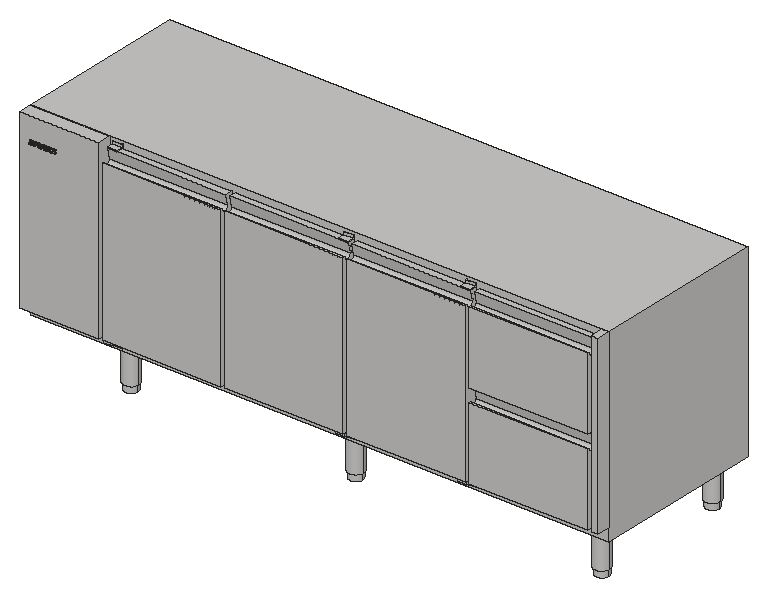
Revit family "QF_ALPENINOX_721087_AK4R7AAAB", category Attrezzature speciali, Revit 2018
Family settings
  Quota connettore circolare = Usa diametro
  Tipo di parte = Normale
  Basato su piano di lavoro = No
  Sempre verticale = Sì
  Taglio con vuoti quando caricato = No
  Condiviso = No
  Punto di calcolo locali = No
Parameters (values of type "Standard")
  Weight = 132.00 kg
  Watts = 270 W
  Volts = 220 V
  URL Manufacturer = "http://www.alpeninox.com"
  URL = "http://www.alpeninox.com"
  Steam Supply Size = 0 mm
  Steam Supply Minimum Pressure = 0.0 Pa
  Steam Supply Maximum Pressure = 0.0 Pa
  Steam Consumption per Hour = 0
  Refrigeration Suction Line Size = 0 mm
  Refrigeration Liquid Line Size = 0 mm
  Refrigerant Compressor Remote = yes
  Produttore = "Alpeninox"
  Phase = 1
  Modello = "AK4R7AAAB"
  Length Actual = 2149 mm  # constant formula
  Item Number = "721087"
  Hot Water Size = 0 mm
  Height Actual = 850 mm  # constant formula
  HP = "0.4 HP"
  Gas Size = 0 mm
  Gas KW = 0
  Gas Input Pressure = 0 W
  Direct Waste Size = 0 mm
  Descrizione = "3-DOOR AND 2X1/2-DRAWER REFRIGERATED COUNTER, -2+10°C, FULL AISI 304 (R290), WITHOUT WORK TOP"
  Depth Actual = 700 mm  # constant formula
  Cycle = 50 Hz
  Condensate Return Size = 0 mm
  Compressed Air Volume = 0.0 L/s
  Compressed Air Size = 0 mm
  Compressed Air Pressure = 0.0 Pa
  Cold Water Size = 0 mm
  Accessory = yes
Values of the unnamed type that differ from the named types
  Weight = 0.00 kg
  Watts = 0 W
  Volts = 0 V
  URL Manufacturer = ""
  Item Number = ""
  HP = ""
  Cycle = 0 Hz
Reference planes
  plane 1: z = 0
  plane 2 "Center (Left/Right)": x = -126.5
  plane 3 "Center (Front/Back)": y = 64.5
  plane 4 "FEET": z = 150
  plane 5 "TOP": z = 900
  plane 6 "PLAIN": z = 850
  plane 7 "EI_back": y = 103
  plane 8 "EI_left": x = -1140
  plane 9 "BACK": y = 412
  plane 10 "FRONT": y = -283
  plane 11 "DOOR": y = -233
  plane 12 "LEFT": x = -1201
  plane 13 "RIGHT": x = 948
  plane 14: x = -1176
  plane 15: x = 923
Forms (mm)
  Extrusion 1, solid, material "QF_Finishes_Stainless Steel"
    sketch origin (-1022.223, -1524, 150) x (-1, 0, 0) y (0, -1, 0)
      loop
        circle (117.777, -1627) r 5
    from 0 to -40
  Extrusion 2, solid, material "QF_Finishes_Stainless Steel"
    sketch origin (-1022.223, -1524, 150) x (-1, 0, 0) y (0, -1, 0)
      loop
        line (-1945.223, -1291) -> (-1945.223, -1241) -> (-1970.223, -1241) -> (-1970.223, -1291) -> (-1945.223, -1291)
    from 48 to 700
  Extrusion 3, solid, material "QF_Finishes_Stainless Steel"
    sketch origin (-1022.223, -1524, 150) x (-1, 0, 0) y (0, -1, 0)
      loop
        line (178.777, -1936) -> (178.777, -1291) -> (-1970.223, -1291) -> (-1970.223, -1936) -> (178.777, -1936)
    from 0 to 700
Lines and regions (mm)
  symbolic lines, style "SpecialityEquipmentHiddenLines"
    curve 1: line (-1201, 412, 150) -> (948, 412, 150)
    curve 2: line (-1201, -283, 150) -> (-1201, 412, 150)
    curve 3: line (948, -283, 150) -> (-1201, -283, 150)
    curve 4: line (948, 412, 150) -> (948, -283, 150)
    curve 5: line (-1201, -233, 150) -> (948, -233, 150)
    curve 6: line (923, -283, 150) -> (923, -233, 150)
Dimensions and locks
  plane 4 "FEET" to level = 150 mm
  plane 11 "DOOR" to plane 10 "FRONT" = 50 mm
  plane 6 "PLAIN" to plane 4 "FEET" = 700 mm
  plane 5 "TOP" to plane 6 "PLAIN" = 50 mm
  plane 12 "LEFT" to plane 14 = 25 mm
  plane 15 to plane 13 "RIGHT" = 25 mm
  plane 9 "BACK" to plane 7 "EI_back" = 309 mm
  plane 12 "LEFT" to plane 8 "EI_left" = 61 mm
  plane 12 "LEFT" to plane 13 "RIGHT" = 2149 mm
  equal spacing: plane 12 "LEFT", plane 2 "Center (Left/Right)", plane 13 "RIGHT"
  plane 9 "BACK" to plane 10 "FRONT" = 695 mm
  equal spacing: plane 9 "BACK", plane 3 "Center (Front/Back)", plane 10 "FRONT"
  aligned and locked: level to plane 1
  aligned and locked: plane 13 "RIGHT" to Extrusion 2
  aligned and locked: Extrusion 2 to plane 15
Automatic sketch dimensions
  Extrusion 1 sketch curve to plane 7 "EI_back" = 0 mm
  Extrusion 1 sketch curve to plane 8 "EI_left" = 0 mm
  Extrusion 2 sketch curve to plane 11 "DOOR" = 0 mm
  Extrusion 2 sketch curve to plane 13 "RIGHT" = 0 mm
  Extrusion 2 sketch curve to plane 10 "FRONT" = 0 mm
  Extrusion 2 sketch curve to plane 15 = 0 mm
  Extrusion 3 sketch curve to plane 9 "BACK" = 0 mm
  Extrusion 3 sketch curve to plane 13 "RIGHT" = 0 mm
  Extrusion 3 sketch curve to plane 11 "DOOR" = 0 mm
  Extrusion 3 sketch curve to plane 12 "LEFT" = 0 mm
  curve 1 to plane 13 "RIGHT" = 0 mm
  curve 6 to plane 10 "FRONT" = 0 mm
  curve 6 to plane 15 = 0 mm
  curve 5 to plane 12 "LEFT" = 0 mm
  curve 6 to plane 11 "DOOR" = 0 mm
  curve 1 to plane 9 "BACK" = 0 mm
  radius of Extrusion 1 sketch curve = 5 mm
Nested families
  nested 1: "HPC_Refrigerator" at (948, -283, 0), type "HPC_Refrigerator"
  nested 2: "HPC_FEET" at (-867, 331, 0), type "HPC_FEET"
  nested 3: "HPC_FEET" at (882, 331, 0), type "HPC_FEET"
  nested 4: "HPC_FEET" at (-867, -183, 0), type "HPC_FEET"
  nested 5: "HPC_FEET" at (882, -183, 0), type "HPC_FEET"
  nested 6: "HPC_FEET" at (-32, -183, 0), type "HPC_FEET"
  nested 7: "HPC_APX_BI_TN_L" at (-994.08, -233, 598) x (1, 0, 0) z (0, -1, 0), type "HPC_APX_BI_TN_L"
    with Show Logo yes
  nested 8: "HPC_APX_SD_L" at (-673, -233, 512) x (1, 0, 0) z (0, -1, 0), type "HPC_APX_SD_L"
    with Show Clearance yes
  nested 9: "HPC_APX_SD_R" at (-219, -233, 512) x (1, 0, 0) z (0, -1, 0), type "HPC_APX_SD_R"
    with Show Clearance yes
  nested 10: "HPC_APX_SD_R" at (235, -233, 512) x (1, 0, 0) z (0, -1, 0), type "HPC_APX_SD_R"
    with Show Clearance yes
  nested 11: "HPC_APX_HALF" at (689, -233, 512) x (1, 0, 0) z (0, -1, 0), type "HPC_APX_HALF"
    with Show Clearance yes
Connectors
  electrical at (-1140, 103, 110), driven by "Volts"
    settings: on Extrusion 1, index 1, voltage 220 V, apparent load 0 VA, apparent load phase1 0 VA, apparent load phase2 0 VA, apparent load phase3 0 VA, power factor 1, load classification "Other", number of poles 1, system type 31, power factor state 1, is connector primary yes, connector utility no, sub classification motor no, connector description "Electrical Connection"
Definition of nested family "HPC_FEET"
  Parameters
    FEET = 150 mm
  Reference planes
    plane 1 "Center (Front/Back)": y = 0
    plane 2: z = 0
    plane 3 "Center (Left/Right)": x = 0
    plane 4: z = 150
  Forms (mm)
    Revolve 1, solid
      sketch origin (255.05, 0, 608.09) x (0, 0, 1) y (-1, 0, 0)
        loop
          line (-608.09, 255.05) -> (-608.09, 230.05) -> (-583.09, 230.05) -> (-583.09, 226.05) -> (-458.09, 226.05) -> (-458.09, 255.05) -> (-608.09, 255.05)
        axis (-608.09, 255.05) -> (-458.09, 255.05)
      angle from 0 to 360
  Dimensions and locks
    locked: Revolve 1 sketch curve to Revolve 1 sketch curve at 125
    "FEET": plane 4 to plane 2
    aligned and locked: level to plane 2
    aligned and locked: plane 4 to Revolve 1 sketch curve
    aligned and locked: Revolve 1 sketch curve to level
    aligned and locked: plane 3 "Center (Left/Right)" to Revolve 1 sketch curve
  Automatic sketch dimensions
    Revolve 1 sketch curve to plane 3 "Center (Left/Right)" = 0 mm
    Revolve 1 sketch curve to Revolve 1 sketch curve = 25 mm
    Revolve 1 sketch curve to Revolve 1 sketch curve = 29 mm
    plane 4 to Revolve 1 sketch curve = 50 mm
    Revolve 1 sketch curve to Revolve 1 sketch curve = 20 mm
Definition of nested family "HPC_APX_BI_TN_L"
  Parameters
    Show Logo [instance] = yes
    Default Elevation = 1219.2 mm
  Reference planes
    plane 1 "Center (Front/Back)": y = -74
    plane 2: z = 0
    plane 3 "Center (Left/Right)": x = -59.92
    plane 4: x = -206.92
    plane 5: x = 87.08
    plane 6: y = 252
    plane 7: y = -400
  Forms (mm)
    Extrusion 1, solid
      sketch origin (0, 0, 0) x (1, 0, 0) y (0, 1, 0)
        loop
          line (-1219.2, 1219.2) -> (-1219.2, -1219.2) -> (1219.2, -1219.2) -> (1219.2, 1219.2) -> (-1219.2, 1219.2)
      from 0 to -304.8
    Extrusion 2, solid
      sketch origin (0, 0, 0) x (1, 0, 0) y (0, 1, 0)
        loop
          line (-206.92, 252) -> (-206.92, -400) -> (87.08, -400) -> (87.08, 252) -> (-206.92, 252)
      from 0 to 50
    Extrusion 3, solid
      sketch origin (0, 0, 0) x (1, 0, 0) y (0, 1, 0)
        loop
          line (-168.675, 170.349) -> (-172.411, 160.318)
          arc (-172.411, 160.318) -> (-171.624, 158.497) -> (-169.837, 159.36) r 1.374
          line (-169.837, 159.36) -> (-169.268, 161.111) -> (-164.1, 161.111) -> (-163.54, 159.379)
          arc (-163.54, 159.379) -> (-161.802, 158.542) -> (-161.049, 160.318) r 1.333
          line (-161.049, 160.318) -> (-164.694, 170.349)
          arc (-164.694, 170.349) -> (-166.685, 171.876) -> (-168.675, 170.349) r 2.06
        loop
          line (-166.681, 169.055) -> (-168.469, 163.655) -> (-164.935, 163.655) -> (-166.681, 169.055)
        loop
          arc (-159.705, 160.042) -> (-159.262, 158.973) -> (-158.194, 158.531) r 1.512
          line (-158.194, 158.531) -> (-153.608, 158.531)
          arc (-153.608, 158.531) -> (-152.337, 159.802) -> (-153.608, 161.074) r 1.272
          line (-153.608, 161.074) -> (-156.917, 161.074) -> (-156.917, 170.328)
          arc (-156.917, 170.328) -> (-158.311, 171.722) -> (-159.705, 170.328) r 1.394
          line (-159.705, 170.328) -> (-159.705, 160.042)
        loop
          line (-151.076, 170.218) -> (-151.076, 159.859)
          arc (-151.076, 159.859) -> (-149.683, 158.466) -> (-148.29, 159.859) r 1.393
          line (-148.29, 159.859) -> (-148.29, 162.882) -> (-146.225, 162.882)
          arc (-146.225, 162.882) -> (-142.999, 163.859) -> (-141.608, 166.928) r 4.082
          arc (-141.608, 166.928) -> (-142.993, 170.272) -> (-146.336, 171.657) r 4.728
          line (-146.336, 171.657) -> (-149.638, 171.657)
          arc (-149.638, 171.657) -> (-150.655, 171.235) -> (-151.076, 170.218) r 1.439
        loop
          line (-148.29, 165.313) -> (-146.388, 165.313)
          arc (-146.388, 165.313) -> (-144.433, 167.268) -> (-146.388, 169.222) r 1.955
          line (-146.388, 169.222) -> (-148.29, 169.222) -> (-148.29, 165.313)
        loop
          arc (-131.184, 166.332) -> (-132.004, 168.2) -> (-133.767, 169.228) r 3.3
          arc (-133.767, 169.228) -> (-136.353, 168.661) -> (-137.611, 166.332) r 3.176
          line (-137.611, 166.332) -> (-131.184, 166.332)
        loop
          line (-137.538, 163.743) -> (-130.544, 163.743)
          arc (-130.544, 163.743) -> (-129.292, 163.916) -> (-128.301, 164.701) r 2.4
          arc (-128.301, 164.701) -> (-128.155, 165.545) -> (-128.212, 166.399) r 3.635
          arc (-128.212, 166.399) -> (-130.364, 170.162) -> (-134.39, 171.769) r 6.579
          arc (-134.39, 171.769) -> (-138.918, 169.706) -> (-140.661, 165.044) r 6.501
          arc (-140.661, 165.044) -> (-139.276, 160.789) -> (-135.401, 158.549) r 6.252
          arc (-135.401, 158.549) -> (-132.922, 158.526) -> (-130.544, 159.232) r 8.361
          arc (-130.544, 159.232) -> (-129.466, 159.781) -> (-128.641, 160.666) r 3.486
          arc (-128.641, 160.666) -> (-128.419, 161.592) -> (-128.828, 162.451) r 1.425
          arc (-128.828, 162.451) -> (-129.368, 162.762) -> (-129.99, 162.762) r 1.203
          arc (-129.99, 162.762) -> (-130.406, 162.59) -> (-130.764, 162.316) r 1.724
          arc (-130.764, 162.316) -> (-131.666, 161.705) -> (-132.646, 161.229) r 7.6
          arc (-132.646, 161.229) -> (-135.676, 161.35) -> (-137.538, 163.743) r 3.6
        loop
          line (-126.669, 170.328) -> (-126.669, 159.859)
          arc (-126.669, 159.859) -> (-125.273, 158.463) -> (-123.878, 159.859) r 1.396
          line (-123.878, 159.859) -> (-123.878, 166.785) -> (-117.946, 159.029)
          arc (-117.946, 159.029) -> (-116.361, 158.51) -> (-115.379, 159.859) r 1.417
          line (-115.379, 159.859) -> (-115.379, 170.328)
          arc (-115.379, 170.328) -> (-116.774, 171.723) -> (-118.169, 170.328) r 1.395
          line (-118.169, 170.328) -> (-118.169, 163.311) -> (-124.101, 171.157)
          arc (-124.101, 171.157) -> (-125.687, 171.678) -> (-126.669, 170.328) r 1.418
        loop
          arc (-113.636, 159.859) -> (-112.241, 158.464) -> (-110.847, 159.859) r 1.394
          line (-110.847, 159.859) -> (-110.847, 170.328)
          arc (-110.847, 170.328) -> (-112.241, 171.723) -> (-113.636, 170.328) r 1.394
          line (-113.636, 170.328) -> (-113.636, 159.859)
        loop
          line (-109.102, 170.328) -> (-109.102, 159.859)
          arc (-109.102, 159.859) -> (-107.706, 158.463) -> (-106.31, 159.859) r 1.396
          line (-106.31, 159.859) -> (-106.31, 166.785) -> (-100.378, 159.029)
          arc (-100.378, 159.029) -> (-98.793, 158.51) -> (-97.812, 159.859) r 1.417
          line (-97.812, 159.859) -> (-97.812, 170.328)
          arc (-97.812, 170.328) -> (-99.207, 171.723) -> (-100.602, 170.328) r 1.395
          line (-100.602, 170.328) -> (-100.602, 163.311) -> (-106.533, 171.157)
          arc (-106.533, 171.157) -> (-108.119, 171.678) -> (-109.102, 170.328) r 1.418
        loop
          arc (-96.345, 165.093) -> (-95.619, 161.877) -> (-93.467, 159.379) r 6.806
          arc (-93.467, 159.379) -> (-91.792, 158.566) -> (-89.948, 158.31) r 5.956
          arc (-89.948, 158.31) -> (-88.104, 158.566) -> (-86.43, 159.379) r 5.956
          arc (-86.43, 159.379) -> (-84.277, 161.877) -> (-83.551, 165.093) r 6.806
          arc (-83.551, 165.093) -> (-84.277, 168.31) -> (-86.43, 170.808) r 6.806
          arc (-86.43, 170.808) -> (-88.104, 171.621) -> (-89.948, 171.877) r 5.956
          arc (-89.948, 171.877) -> (-91.792, 171.621) -> (-93.467, 170.808) r 5.956
          arc (-93.467, 170.808) -> (-95.619, 168.31) -> (-96.345, 165.093) r 6.806
        loop
          arc (-93.425, 165.093) -> (-93.138, 163.212) -> (-92.081, 161.629) r 4.387
          arc (-92.081, 161.629) -> (-91.087, 161.049) -> (-89.948, 160.881) r 3.035
          arc (-89.948, 160.881) -> (-88.809, 161.049) -> (-87.815, 161.629) r 3.035
          arc (-87.815, 161.629) -> (-86.759, 163.212) -> (-86.472, 165.093) r 4.387
          arc (-86.472, 165.093) -> (-86.759, 166.975) -> (-87.815, 168.558) r 4.387
          arc (-87.815, 168.558) -> (-88.809, 169.138) -> (-89.948, 169.306) r 3.035
          arc (-89.948, 169.306) -> (-91.087, 169.138) -> (-92.081, 168.558) r 3.035
          arc (-92.081, 168.558) -> (-93.138, 166.975) -> (-93.425, 165.093) r 4.387
        loop
          line (-83.139, 169.609) -> (-80.126, 165.552) -> (-83.81, 160.652)
          arc (-83.81, 160.652) -> (-83.512, 158.692) -> (-81.559, 159.029) r 1.388
          line (-81.559, 159.029) -> (-78.51, 163.232) -> (-75.461, 159.029)
          arc (-75.461, 159.029) -> (-73.507, 158.692) -> (-73.21, 160.652) r 1.388
          line (-73.21, 160.652) -> (-76.894, 165.552) -> (-73.881, 169.609)
          arc (-73.881, 169.609) -> (-74.249, 171.597) -> (-76.205, 171.084) r 1.38
          line (-76.205, 171.084) -> (-78.51, 167.841) -> (-80.815, 171.084)
          arc (-80.815, 171.084) -> (-82.771, 171.597) -> (-83.139, 169.609) r 1.38
      from 50 to 51.6
  Lines and regions (mm)
    Split face 1
      outline origin (0, 0, 50) x (1, 0, 0) y (0, 1, 0)
        loop
          line (87.08, 183) -> (-172.92, 183)
          arc (-172.92, 183) -> (-190.42, 165.5) -> (-172.92, 148) r 17.5
          line (-172.92, 148) -> (87.08, 148)
    Split face 2
      outline origin (-38, 0, 50) x (1, 0, 0) y (0, 1, 0)
        loop
          line (-5.42, 177) -> (-5.42, 154) -> (64.58, 154) -> (64.58, 177) -> (-5.42, 177)
    Split face 3
      outline origin (-38, 0, 50) x (1, 0, 0) y (0, 1, 0)
        loop
          line (44.58, 174) -> (44.58, 157) -> (61.58, 157) -> (61.58, 174) -> (44.58, 174)
    Split face 4
      outline origin (0, 0, 50) x (1, 0, 0) y (0, 1, 0)
        loop
          line (-206.92, 188) -> (87.08, 188)
    Split face 5
      outline origin (0, 0, 50) x (1, 0, 0) y (0, 1, 0)
        loop
          arc (-163.464, 131.824) -> (-167.464, 127.824) -> (-163.464, 123.824) r 4
          line (-163.464, 123.824) -> (-121.464, 123.824)
          arc (-121.464, 123.824) -> (-117.464, 127.824) -> (-121.464, 131.824) r 4
          line (-121.464, 131.824) -> (-163.464, 131.824)
    Split face 6
      outline origin (330, 0, 50) x (1, 0, 0) y (0, 1, 0)
        loop
          arc (-328.464, 131.824) -> (-332.464, 127.824) -> (-328.464, 123.824) r 4
          line (-328.464, 123.824) -> (-286.464, 123.824)
          arc (-286.464, 123.824) -> (-282.464, 127.824) -> (-286.464, 131.824) r 4
          line (-286.464, 131.824) -> (-328.464, 131.824)
    Split face 7
      outline origin (110, 0, 50) x (1, 0, 0) y (0, 1, 0)
        loop
          arc (-218.464, 131.824) -> (-222.464, 127.824) -> (-218.464, 123.824) r 4
          line (-218.464, 123.824) -> (-176.464, 123.824)
          arc (-176.464, 123.824) -> (-172.464, 127.824) -> (-176.464, 131.824) r 4
          line (-176.464, 131.824) -> (-218.464, 131.824)
    Split face 8
      outline origin (220, 0, 50) x (1, 0, 0) y (0, 1, 0)
        loop
          arc (-273.464, 131.824) -> (-277.464, 127.824) -> (-273.464, 123.824) r 4
          line (-273.464, 123.824) -> (-231.464, 123.824)
          arc (-231.464, 123.824) -> (-227.464, 127.824) -> (-231.464, 131.824) r 4
          line (-231.464, 131.824) -> (-273.464, 131.824)
    Split face 9
      outline origin (0, -24, 50) x (1, 0, 0) y (0, 1, 0)
        loop
          arc (-163.464, 143.824) -> (-167.464, 139.824) -> (-163.464, 135.824) r 4
          line (-163.464, 135.824) -> (-121.464, 135.824)
          arc (-121.464, 135.824) -> (-117.464, 139.824) -> (-121.464, 143.824) r 4
          line (-121.464, 143.824) -> (-163.464, 143.824)
    Split face 10
      outline origin (330, -24, 50) x (1, 0, 0) y (0, 1, 0)
        loop
          arc (-328.464, 143.824) -> (-332.464, 139.824) -> (-328.464, 135.824) r 4
          line (-328.464, 135.824) -> (-286.464, 135.824)
          arc (-286.464, 135.824) -> (-282.464, 139.824) -> (-286.464, 143.824) r 4
          line (-286.464, 143.824) -> (-328.464, 143.824)
    Split face 11
      outline origin (110, -24, 50) x (1, 0, 0) y (0, 1, 0)
        loop
          arc (-218.464, 143.824) -> (-222.464, 139.824) -> (-218.464, 135.824) r 4
          line (-218.464, 135.824) -> (-176.464, 135.824)
          arc (-176.464, 135.824) -> (-172.464, 139.824) -> (-176.464, 143.824) r 4
          line (-176.464, 143.824) -> (-218.464, 143.824)
    Split face 12
      outline origin (220, -24, 50) x (1, 0, 0) y (0, 1, 0)
        loop
          arc (-273.464, 143.824) -> (-277.464, 139.824) -> (-273.464, 135.824) r 4
          line (-273.464, 135.824) -> (-231.464, 135.824)
          arc (-231.464, 135.824) -> (-227.464, 139.824) -> (-231.464, 143.824) r 4
          line (-231.464, 143.824) -> (-273.464, 143.824)
    Split face 13
      outline origin (0, -48, 50) x (1, 0, 0) y (0, 1, 0)
        loop
          arc (-163.464, 155.824) -> (-167.464, 151.824) -> (-163.464, 147.824) r 4
          line (-163.464, 147.824) -> (-121.464, 147.824)
          arc (-121.464, 147.824) -> (-117.464, 151.824) -> (-121.464, 155.824) r 4
          line (-121.464, 155.824) -> (-163.464, 155.824)
    Split face 14
      outline origin (330, -48, 50) x (1, 0, 0) y (0, 1, 0)
        loop
          arc (-328.464, 155.824) -> (-332.464, 151.824) -> (-328.464, 147.824) r 4
          line (-328.464, 147.824) -> (-286.464, 147.824)
          arc (-286.464, 147.824) -> (-282.464, 151.824) -> (-286.464, 155.824) r 4
          line (-286.464, 155.824) -> (-328.464, 155.824)
    Split face 15
      outline origin (110, -48, 50) x (1, 0, 0) y (0, 1, 0)
        loop
          arc (-218.464, 155.824) -> (-222.464, 151.824) -> (-218.464, 147.824) r 4
          line (-218.464, 147.824) -> (-176.464, 147.824)
          arc (-176.464, 147.824) -> (-172.464, 151.824) -> (-176.464, 155.824) r 4
          line (-176.464, 155.824) -> (-218.464, 155.824)
    Split face 16
      outline origin (220, -48, 50) x (1, 0, 0) y (0, 1, 0)
        loop
          arc (-273.464, 155.824) -> (-277.464, 151.824) -> (-273.464, 147.824) r 4
          line (-273.464, 147.824) -> (-231.464, 147.824)
          arc (-231.464, 147.824) -> (-227.464, 151.824) -> (-231.464, 155.824) r 4
          line (-231.464, 155.824) -> (-273.464, 155.824)
    Split face 17
      outline origin (0, -72, 50) x (1, 0, 0) y (0, 1, 0)
        loop
          arc (-163.464, 167.824) -> (-167.464, 163.824) -> (-163.464, 159.824) r 4
          line (-163.464, 159.824) -> (-121.464, 159.824)
          arc (-121.464, 159.824) -> (-117.464, 163.824) -> (-121.464, 167.824) r 4
          line (-121.464, 167.824) -> (-163.464, 167.824)
    Split face 18
      outline origin (330, -72, 50) x (1, 0, 0) y (0, 1, 0)
        loop
          arc (-328.464, 167.824) -> (-332.464, 163.824) -> (-328.464, 159.824) r 4
          line (-328.464, 159.824) -> (-286.464, 159.824)
          arc (-286.464, 159.824) -> (-282.464, 163.824) -> (-286.464, 167.824) r 4
          line (-286.464, 167.824) -> (-328.464, 167.824)
    Split face 19
      outline origin (110, -72, 50) x (1, 0, 0) y (0, 1, 0)
        loop
          arc (-218.464, 167.824) -> (-222.464, 163.824) -> (-218.464, 159.824) r 4
          line (-218.464, 159.824) -> (-176.464, 159.824)
          arc (-176.464, 159.824) -> (-172.464, 163.824) -> (-176.464, 167.824) r 4
          line (-176.464, 167.824) -> (-218.464, 167.824)
    Split face 20
      outline origin (220, -72, 50) x (1, 0, 0) y (0, 1, 0)
        loop
          arc (-273.464, 167.824) -> (-277.464, 163.824) -> (-273.464, 159.824) r 4
          line (-273.464, 159.824) -> (-231.464, 159.824)
          arc (-231.464, 159.824) -> (-227.464, 163.824) -> (-231.464, 167.824) r 4
          line (-231.464, 167.824) -> (-273.464, 167.824)
    Split face 21
      outline origin (0, -96, 50) x (1, 0, 0) y (0, 1, 0)
        loop
          arc (-163.464, 179.824) -> (-167.464, 175.824) -> (-163.464, 171.824) r 4
          line (-163.464, 171.824) -> (-121.464, 171.824)
          arc (-121.464, 171.824) -> (-117.464, 175.824) -> (-121.464, 179.824) r 4
          line (-121.464, 179.824) -> (-163.464, 179.824)
    Split face 22
      outline origin (330, -96, 50) x (1, 0, 0) y (0, 1, 0)
        loop
          arc (-328.464, 179.824) -> (-332.464, 175.824) -> (-328.464, 171.824) r 4
          line (-328.464, 171.824) -> (-286.464, 171.824)
          arc (-286.464, 171.824) -> (-282.464, 175.824) -> (-286.464, 179.824) r 4
          line (-286.464, 179.824) -> (-328.464, 179.824)
    Split face 23
      outline origin (110, -96, 50) x (1, 0, 0) y (0, 1, 0)
        loop
          arc (-218.464, 179.824) -> (-222.464, 175.824) -> (-218.464, 171.824) r 4
          line (-218.464, 171.824) -> (-176.464, 171.824)
          arc (-176.464, 171.824) -> (-172.464, 175.824) -> (-176.464, 179.824) r 4
          line (-176.464, 179.824) -> (-218.464, 179.824)
    Split face 24
      outline origin (220, -96, 50) x (1, 0, 0) y (0, 1, 0)
        loop
          arc (-273.464, 179.824) -> (-277.464, 175.824) -> (-273.464, 171.824) r 4
          line (-273.464, 171.824) -> (-231.464, 171.824)
          arc (-231.464, 171.824) -> (-227.464, 175.824) -> (-231.464, 179.824) r 4
          line (-231.464, 179.824) -> (-273.464, 179.824)
    Split face 25
      outline origin (0, -120, 50) x (1, 0, 0) y (0, 1, 0)
        loop
          arc (-163.464, 191.824) -> (-167.464, 187.824) -> (-163.464, 183.824) r 4
          line (-163.464, 183.824) -> (-121.464, 183.824)
          arc (-121.464, 183.824) -> (-117.464, 187.824) -> (-121.464, 191.824) r 4
          line (-121.464, 191.824) -> (-163.464, 191.824)
    Split face 26
      outline origin (330, -120, 50) x (1, 0, 0) y (0, 1, 0)
        loop
          arc (-328.464, 191.824) -> (-332.464, 187.824) -> (-328.464, 183.824) r 4
          line (-328.464, 183.824) -> (-286.464, 183.824)
          arc (-286.464, 183.824) -> (-282.464, 187.824) -> (-286.464, 191.824) r 4
          line (-286.464, 191.824) -> (-328.464, 191.824)
    Split face 27
      outline origin (110, -120, 50) x (1, 0, 0) y (0, 1, 0)
        loop
          arc (-218.464, 191.824) -> (-222.464, 187.824) -> (-218.464, 183.824) r 4
          line (-218.464, 183.824) -> (-176.464, 183.824)
          arc (-176.464, 183.824) -> (-172.464, 187.824) -> (-176.464, 191.824) r 4
          line (-176.464, 191.824) -> (-218.464, 191.824)
    Split face 28
      outline origin (220, -120, 50) x (1, 0, 0) y (0, 1, 0)
        loop
          arc (-273.464, 191.824) -> (-277.464, 187.824) -> (-273.464, 183.824) r 4
          line (-273.464, 183.824) -> (-231.464, 183.824)
          arc (-231.464, 183.824) -> (-227.464, 187.824) -> (-231.464, 191.824) r 4
          line (-231.464, 191.824) -> (-273.464, 191.824)
    Split face 29
      outline origin (0, -144, 50) x (1, 0, 0) y (0, 1, 0)
        loop
          arc (-163.464, 203.824) -> (-167.464, 199.824) -> (-163.464, 195.824) r 4
          line (-163.464, 195.824) -> (-121.464, 195.824)
          arc (-121.464, 195.824) -> (-117.464, 199.824) -> (-121.464, 203.824) r 4
          line (-121.464, 203.824) -> (-163.464, 203.824)
    Split face 30
      outline origin (330, -144, 50) x (1, 0, 0) y (0, 1, 0)
        loop
          arc (-328.464, 203.824) -> (-332.464, 199.824) -> (-328.464, 195.824) r 4
          line (-328.464, 195.824) -> (-286.464, 195.824)
          arc (-286.464, 195.824) -> (-282.464, 199.824) -> (-286.464, 203.824) r 4
          line (-286.464, 203.824) -> (-328.464, 203.824)
    Split face 31
      outline origin (110, -144, 50) x (1, 0, 0) y (0, 1, 0)
        loop
          arc (-218.464, 203.824) -> (-222.464, 199.824) -> (-218.464, 195.824) r 4
          line (-218.464, 195.824) -> (-176.464, 195.824)
          arc (-176.464, 195.824) -> (-172.464, 199.824) -> (-176.464, 203.824) r 4
          line (-176.464, 203.824) -> (-218.464, 203.824)
    Split face 32
      outline origin (220, -144, 50) x (1, 0, 0) y (0, 1, 0)
        loop
          arc (-273.464, 203.824) -> (-277.464, 199.824) -> (-273.464, 195.824) r 4
          line (-273.464, 195.824) -> (-231.464, 195.824)
          arc (-231.464, 195.824) -> (-227.464, 199.824) -> (-231.464, 203.824) r 4
          line (-231.464, 203.824) -> (-273.464, 203.824)
    Split face 33
      outline origin (0, -168, 50) x (1, 0, 0) y (0, 1, 0)
        loop
          arc (-163.464, 215.824) -> (-167.464, 211.824) -> (-163.464, 207.824) r 4
          line (-163.464, 207.824) -> (-121.464, 207.824)
          arc (-121.464, 207.824) -> (-117.464, 211.824) -> (-121.464, 215.824) r 4
          line (-121.464, 215.824) -> (-163.464, 215.824)
    Split face 34
      outline origin (330, -168, 50) x (1, 0, 0) y (0, 1, 0)
        loop
          arc (-328.464, 215.824) -> (-332.464, 211.824) -> (-328.464, 207.824) r 4
          line (-328.464, 207.824) -> (-286.464, 207.824)
          arc (-286.464, 207.824) -> (-282.464, 211.824) -> (-286.464, 215.824) r 4
          line (-286.464, 215.824) -> (-328.464, 215.824)
    Split face 35
      outline origin (110, -168, 50) x (1, 0, 0) y (0, 1, 0)
        loop
          arc (-218.464, 215.824) -> (-222.464, 211.824) -> (-218.464, 207.824) r 4
          line (-218.464, 207.824) -> (-176.464, 207.824)
          arc (-176.464, 207.824) -> (-172.464, 211.824) -> (-176.464, 215.824) r 4
          line (-176.464, 215.824) -> (-218.464, 215.824)
    Split face 36
      outline origin (220, -168, 50) x (1, 0, 0) y (0, 1, 0)
        loop
          arc (-273.464, 215.824) -> (-277.464, 211.824) -> (-273.464, 207.824) r 4
          line (-273.464, 207.824) -> (-231.464, 207.824)
          arc (-231.464, 207.824) -> (-227.464, 211.824) -> (-231.464, 215.824) r 4
          line (-231.464, 215.824) -> (-273.464, 215.824)
    Split face 37
      outline origin (0, -192, 50) x (1, 0, 0) y (0, 1, 0)
        loop
          arc (-163.464, 227.824) -> (-167.464, 223.824) -> (-163.464, 219.824) r 4
          line (-163.464, 219.824) -> (-121.464, 219.824)
          arc (-121.464, 219.824) -> (-117.464, 223.824) -> (-121.464, 227.824) r 4
          line (-121.464, 227.824) -> (-163.464, 227.824)
    Split face 38
      outline origin (330, -192, 50) x (1, 0, 0) y (0, 1, 0)
        loop
          arc (-328.464, 227.824) -> (-332.464, 223.824) -> (-328.464, 219.824) r 4
          line (-328.464, 219.824) -> (-286.464, 219.824)
          arc (-286.464, 219.824) -> (-282.464, 223.824) -> (-286.464, 227.824) r 4
          line (-286.464, 227.824) -> (-328.464, 227.824)
    Split face 39
      outline origin (110, -192, 50) x (1, 0, 0) y (0, 1, 0)
        loop
          arc (-218.464, 227.824) -> (-222.464, 223.824) -> (-218.464, 219.824) r 4
          line (-218.464, 219.824) -> (-176.464, 219.824)
          arc (-176.464, 219.824) -> (-172.464, 223.824) -> (-176.464, 227.824) r 4
          line (-176.464, 227.824) -> (-218.464, 227.824)
    Split face 40
      outline origin (220, -192, 50) x (1, 0, 0) y (0, 1, 0)
        loop
          arc (-273.464, 227.824) -> (-277.464, 223.824) -> (-273.464, 219.824) r 4
          line (-273.464, 219.824) -> (-231.464, 219.824)
          arc (-231.464, 219.824) -> (-227.464, 223.824) -> (-231.464, 227.824) r 4
          line (-231.464, 227.824) -> (-273.464, 227.824)
    Split face 41
      outline origin (0, -216, 50) x (1, 0, 0) y (0, 1, 0)
        loop
          arc (-163.464, 239.824) -> (-167.464, 235.824) -> (-163.464, 231.824) r 4
          line (-163.464, 231.824) -> (-121.464, 231.824)
          arc (-121.464, 231.824) -> (-117.464, 235.824) -> (-121.464, 239.824) r 4
          line (-121.464, 239.824) -> (-163.464, 239.824)
    Split face 42
      outline origin (330, -216, 50) x (1, 0, 0) y (0, 1, 0)
        loop
          arc (-328.464, 239.824) -> (-332.464, 235.824) -> (-328.464, 231.824) r 4
          line (-328.464, 231.824) -> (-286.464, 231.824)
          arc (-286.464, 231.824) -> (-282.464, 235.824) -> (-286.464, 239.824) r 4
          line (-286.464, 239.824) -> (-328.464, 239.824)
    Split face 43
      outline origin (110, -216, 50) x (1, 0, 0) y (0, 1, 0)
        loop
          arc (-218.464, 239.824) -> (-222.464, 235.824) -> (-218.464, 231.824) r 4
          line (-218.464, 231.824) -> (-176.464, 231.824)
          arc (-176.464, 231.824) -> (-172.464, 235.824) -> (-176.464, 239.824) r 4
          line (-176.464, 239.824) -> (-218.464, 239.824)
    Split face 44
      outline origin (220, -216, 50) x (1, 0, 0) y (0, 1, 0)
        loop
          arc (-273.464, 239.824) -> (-277.464, 235.824) -> (-273.464, 231.824) r 4
          line (-273.464, 231.824) -> (-231.464, 231.824)
          arc (-231.464, 231.824) -> (-227.464, 235.824) -> (-231.464, 239.824) r 4
          line (-231.464, 239.824) -> (-273.464, 239.824)
    Split face 45
      outline origin (0, -240, 50) x (1, 0, 0) y (0, 1, 0)
        loop
          arc (-163.464, 251.824) -> (-167.464, 247.824) -> (-163.464, 243.824) r 4
          line (-163.464, 243.824) -> (-121.464, 243.824)
          arc (-121.464, 243.824) -> (-117.464, 247.824) -> (-121.464, 251.824) r 4
          line (-121.464, 251.824) -> (-163.464, 251.824)
    Split face 46
      outline origin (330, -240, 50) x (1, 0, 0) y (0, 1, 0)
        loop
          arc (-328.464, 251.824) -> (-332.464, 247.824) -> (-328.464, 243.824) r 4
          line (-328.464, 243.824) -> (-286.464, 243.824)
          arc (-286.464, 243.824) -> (-282.464, 247.824) -> (-286.464, 251.824) r 4
          line (-286.464, 251.824) -> (-328.464, 251.824)
    Split face 47
      outline origin (110, -240, 50) x (1, 0, 0) y (0, 1, 0)
        loop
          arc (-218.464, 251.824) -> (-222.464, 247.824) -> (-218.464, 243.824) r 4
          line (-218.464, 243.824) -> (-176.464, 243.824)
          arc (-176.464, 243.824) -> (-172.464, 247.824) -> (-176.464, 251.824) r 4
          line (-176.464, 251.824) -> (-218.464, 251.824)
    Split face 48
      outline origin (220, -240, 50) x (1, 0, 0) y (0, 1, 0)
        loop
          arc (-273.464, 251.824) -> (-277.464, 247.824) -> (-273.464, 243.824) r 4
          line (-273.464, 243.824) -> (-231.464, 243.824)
          arc (-231.464, 243.824) -> (-227.464, 247.824) -> (-231.464, 251.824) r 4
          line (-231.464, 251.824) -> (-273.464, 251.824)
    Split face 49
      outline origin (0, -264, 50) x (1, 0, 0) y (0, 1, 0)
        loop
          arc (-163.464, 263.824) -> (-167.464, 259.824) -> (-163.464, 255.824) r 4
          line (-163.464, 255.824) -> (-121.464, 255.824)
          arc (-121.464, 255.824) -> (-117.464, 259.824) -> (-121.464, 263.824) r 4
          line (-121.464, 263.824) -> (-163.464, 263.824)
    Split face 50
      outline origin (330, -264, 50) x (1, 0, 0) y (0, 1, 0)
        loop
          arc (-328.464, 263.824) -> (-332.464, 259.824) -> (-328.464, 255.824) r 4
          line (-328.464, 255.824) -> (-286.464, 255.824)
          arc (-286.464, 255.824) -> (-282.464, 259.824) -> (-286.464, 263.824) r 4
          line (-286.464, 263.824) -> (-328.464, 263.824)
    Split face 51
      outline origin (110, -264, 50) x (1, 0, 0) y (0, 1, 0)
        loop
          arc (-218.464, 263.824) -> (-222.464, 259.824) -> (-218.464, 255.824) r 4
          line (-218.464, 255.824) -> (-176.464, 255.824)
          arc (-176.464, 255.824) -> (-172.464, 259.824) -> (-176.464, 263.824) r 4
          line (-176.464, 263.824) -> (-218.464, 263.824)
    Split face 52
      outline origin (220, -264, 50) x (1, 0, 0) y (0, 1, 0)
        loop
          arc (-273.464, 263.824) -> (-277.464, 259.824) -> (-273.464, 255.824) r 4
          line (-273.464, 255.824) -> (-231.464, 255.824)
          arc (-231.464, 255.824) -> (-227.464, 259.824) -> (-231.464, 263.824) r 4
          line (-231.464, 263.824) -> (-273.464, 263.824)
    Split face 53
      outline origin (0, -288, 50) x (1, 0, 0) y (0, 1, 0)
        loop
          arc (-163.464, 275.824) -> (-167.464, 271.824) -> (-163.464, 267.824) r 4
          line (-163.464, 267.824) -> (-121.464, 267.824)
          arc (-121.464, 267.824) -> (-117.464, 271.824) -> (-121.464, 275.824) r 4
          line (-121.464, 275.824) -> (-163.464, 275.824)
    Split face 54
      outline origin (330, -288, 50) x (1, 0, 0) y (0, 1, 0)
        loop
          arc (-328.464, 275.824) -> (-332.464, 271.824) -> (-328.464, 267.824) r 4
          line (-328.464, 267.824) -> (-286.464, 267.824)
          arc (-286.464, 267.824) -> (-282.464, 271.824) -> (-286.464, 275.824) r 4
          line (-286.464, 275.824) -> (-328.464, 275.824)
    Split face 55
      outline origin (110, -288, 50) x (1, 0, 0) y (0, 1, 0)
        loop
          arc (-218.464, 275.824) -> (-222.464, 271.824) -> (-218.464, 267.824) r 4
          line (-218.464, 267.824) -> (-176.464, 267.824)
          arc (-176.464, 267.824) -> (-172.464, 271.824) -> (-176.464, 275.824) r 4
          line (-176.464, 275.824) -> (-218.464, 275.824)
    Split face 56
      outline origin (220, -288, 50) x (1, 0, 0) y (0, 1, 0)
        loop
          arc (-273.464, 275.824) -> (-277.464, 271.824) -> (-273.464, 267.824) r 4
          line (-273.464, 267.824) -> (-231.464, 267.824)
          arc (-231.464, 267.824) -> (-227.464, 271.824) -> (-231.464, 275.824) r 4
          line (-231.464, 275.824) -> (-273.464, 275.824)
    Split face 57
      outline origin (0, -312, 50) x (1, 0, 0) y (0, 1, 0)
        loop
          arc (-163.464, 287.824) -> (-167.464, 283.824) -> (-163.464, 279.824) r 4
          line (-163.464, 279.824) -> (-121.464, 279.824)
          arc (-121.464, 279.824) -> (-117.464, 283.824) -> (-121.464, 287.824) r 4
          line (-121.464, 287.824) -> (-163.464, 287.824)
    Split face 58
      outline origin (330, -312, 50) x (1, 0, 0) y (0, 1, 0)
        loop
          arc (-328.464, 287.824) -> (-332.464, 283.824) -> (-328.464, 279.824) r 4
          line (-328.464, 279.824) -> (-286.464, 279.824)
          arc (-286.464, 279.824) -> (-282.464, 283.824) -> (-286.464, 287.824) r 4
          line (-286.464, 287.824) -> (-328.464, 287.824)
    Split face 59
      outline origin (110, -312, 50) x (1, 0, 0) y (0, 1, 0)
        loop
          arc (-218.464, 287.824) -> (-222.464, 283.824) -> (-218.464, 279.824) r 4
          line (-218.464, 279.824) -> (-176.464, 279.824)
          arc (-176.464, 279.824) -> (-172.464, 283.824) -> (-176.464, 287.824) r 4
          line (-176.464, 287.824) -> (-218.464, 287.824)
    Split face 60
      outline origin (220, -312, 50) x (1, 0, 0) y (0, 1, 0)
        loop
          arc (-273.464, 287.824) -> (-277.464, 283.824) -> (-273.464, 279.824) r 4
          line (-273.464, 279.824) -> (-231.464, 279.824)
          arc (-231.464, 279.824) -> (-227.464, 283.824) -> (-231.464, 287.824) r 4
          line (-231.464, 287.824) -> (-273.464, 287.824)
    Split face 61
      outline origin (0, -336, 50) x (1, 0, 0) y (0, 1, 0)
        loop
          arc (-163.464, 299.824) -> (-167.464, 295.824) -> (-163.464, 291.824) r 4
          line (-163.464, 291.824) -> (-121.464, 291.824)
          arc (-121.464, 291.824) -> (-117.464, 295.824) -> (-121.464, 299.824) r 4
          line (-121.464, 299.824) -> (-163.464, 299.824)
    Split face 62
      outline origin (330, -336, 50) x (1, 0, 0) y (0, 1, 0)
        loop
          arc (-328.464, 299.824) -> (-332.464, 295.824) -> (-328.464, 291.824) r 4
          line (-328.464, 291.824) -> (-286.464, 291.824)
          arc (-286.464, 291.824) -> (-282.464, 295.824) -> (-286.464, 299.824) r 4
          line (-286.464, 299.824) -> (-328.464, 299.824)
    Split face 63
      outline origin (110, -336, 50) x (1, 0, 0) y (0, 1, 0)
        loop
          arc (-218.464, 299.824) -> (-222.464, 295.824) -> (-218.464, 291.824) r 4
          line (-218.464, 291.824) -> (-176.464, 291.824)
          arc (-176.464, 291.824) -> (-172.464, 295.824) -> (-176.464, 299.824) r 4
          line (-176.464, 299.824) -> (-218.464, 299.824)
    Split face 64
      outline origin (220, -336, 50) x (1, 0, 0) y (0, 1, 0)
        loop
          arc (-273.464, 299.824) -> (-277.464, 295.824) -> (-273.464, 291.824) r 4
          line (-273.464, 291.824) -> (-231.464, 291.824)
          arc (-231.464, 291.824) -> (-227.464, 295.824) -> (-231.464, 299.824) r 4
          line (-231.464, 299.824) -> (-273.464, 299.824)
    Split face 65
      outline origin (0, -360, 50) x (1, 0, 0) y (0, 1, 0)
        loop
          arc (-163.464, 311.824) -> (-167.464, 307.824) -> (-163.464, 303.824) r 4
          line (-163.464, 303.824) -> (-121.464, 303.824)
          arc (-121.464, 303.824) -> (-117.464, 307.824) -> (-121.464, 311.824) r 4
          line (-121.464, 311.824) -> (-163.464, 311.824)
    Split face 66
      outline origin (330, -360, 50) x (1, 0, 0) y (0, 1, 0)
        loop
          arc (-328.464, 311.824) -> (-332.464, 307.824) -> (-328.464, 303.824) r 4
          line (-328.464, 303.824) -> (-286.464, 303.824)
          arc (-286.464, 303.824) -> (-282.464, 307.824) -> (-286.464, 311.824) r 4
          line (-286.464, 311.824) -> (-328.464, 311.824)
    Split face 67
      outline origin (110, -360, 50) x (1, 0, 0) y (0, 1, 0)
        loop
          arc (-218.464, 311.824) -> (-222.464, 307.824) -> (-218.464, 303.824) r 4
          line (-218.464, 303.824) -> (-176.464, 303.824)
          arc (-176.464, 303.824) -> (-172.464, 307.824) -> (-176.464, 311.824) r 4
          line (-176.464, 311.824) -> (-218.464, 311.824)
    Split face 68
      outline origin (220, -360, 50) x (1, 0, 0) y (0, 1, 0)
        loop
          arc (-273.464, 311.824) -> (-277.464, 307.824) -> (-273.464, 303.824) r 4
          line (-273.464, 303.824) -> (-231.464, 303.824)
          arc (-231.464, 303.824) -> (-227.464, 307.824) -> (-231.464, 311.824) r 4
          line (-231.464, 311.824) -> (-273.464, 311.824)
    Split face 69
      outline origin (0, 0, 50) x (1, 0, 0) y (0, 1, 0)
        loop
          line (-206.92, 143) -> (87.08, 143)
    Split face 70
      outline origin (0, -663.3, 50) x (1, 0, 0) y (0, 1, 0)
        loop
          arc (-163.464, 463.474) -> (-167.464, 459.474) -> (-163.464, 455.474) r 4
          line (-163.464, 455.474) -> (-121.464, 455.474)
          arc (-121.464, 455.474) -> (-117.464, 459.474) -> (-121.464, 463.474) r 4
          line (-121.464, 463.474) -> (-163.464, 463.474)
    Split face 71
      outline origin (330, -663.3, 50) x (1, 0, 0) y (0, 1, 0)
        loop
          arc (-328.464, 463.474) -> (-332.464, 459.474) -> (-328.464, 455.474) r 4
          line (-328.464, 455.474) -> (-286.464, 455.474)
          arc (-286.464, 455.474) -> (-282.464, 459.474) -> (-286.464, 463.474) r 4
          line (-286.464, 463.474) -> (-328.464, 463.474)
    Split face 72
      outline origin (110, -663.3, 50) x (1, 0, 0) y (0, 1, 0)
        loop
          arc (-218.464, 463.474) -> (-222.464, 459.474) -> (-218.464, 455.474) r 4
          line (-218.464, 455.474) -> (-176.464, 455.474)
          arc (-176.464, 455.474) -> (-172.464, 459.474) -> (-176.464, 463.474) r 4
          line (-176.464, 463.474) -> (-218.464, 463.474)
    Split face 73
      outline origin (220, -663.3, 50) x (1, 0, 0) y (0, 1, 0)
        loop
          arc (-273.464, 463.474) -> (-277.464, 459.474) -> (-273.464, 455.474) r 4
          line (-273.464, 455.474) -> (-231.464, 455.474)
          arc (-231.464, 455.474) -> (-227.464, 459.474) -> (-231.464, 463.474) r 4
          line (-231.464, 463.474) -> (-273.464, 463.474)
    Split face 74
      outline origin (0, -687.3, 50) x (1, 0, 0) y (0, 1, 0)
        loop
          arc (-163.464, 475.474) -> (-167.464, 471.474) -> (-163.464, 467.474) r 4
          line (-163.464, 467.474) -> (-121.464, 467.474)
          arc (-121.464, 467.474) -> (-117.464, 471.474) -> (-121.464, 475.474) r 4
          line (-121.464, 475.474) -> (-163.464, 475.474)
    Split face 75
      outline origin (330, -687.3, 50) x (1, 0, 0) y (0, 1, 0)
        loop
          arc (-328.464, 475.474) -> (-332.464, 471.474) -> (-328.464, 467.474) r 4
          line (-328.464, 467.474) -> (-286.464, 467.474)
          arc (-286.464, 467.474) -> (-282.464, 471.474) -> (-286.464, 475.474) r 4
          line (-286.464, 475.474) -> (-328.464, 475.474)
    Split face 76
      outline origin (110, -687.3, 50) x (1, 0, 0) y (0, 1, 0)
        loop
          arc (-218.464, 475.474) -> (-222.464, 471.474) -> (-218.464, 467.474) r 4
          line (-218.464, 467.474) -> (-176.464, 467.474)
          arc (-176.464, 467.474) -> (-172.464, 471.474) -> (-176.464, 475.474) r 4
          line (-176.464, 475.474) -> (-218.464, 475.474)
    Split face 77
      outline origin (220, -687.3, 50) x (1, 0, 0) y (0, 1, 0)
        loop
          arc (-273.464, 475.474) -> (-277.464, 471.474) -> (-273.464, 467.474) r 4
          line (-273.464, 467.474) -> (-231.464, 467.474)
          arc (-231.464, 467.474) -> (-227.464, 471.474) -> (-231.464, 475.474) r 4
          line (-231.464, 475.474) -> (-273.464, 475.474)
    Split face 78
      outline origin (0, -711.3, 50) x (1, 0, 0) y (0, 1, 0)
        loop
          arc (-163.464, 487.474) -> (-167.464, 483.474) -> (-163.464, 479.474) r 4
          line (-163.464, 479.474) -> (-121.464, 479.474)
          arc (-121.464, 479.474) -> (-117.464, 483.474) -> (-121.464, 487.474) r 4
          line (-121.464, 487.474) -> (-163.464, 487.474)
    Split face 79
      outline origin (330, -711.3, 50) x (1, 0, 0) y (0, 1, 0)
        loop
          arc (-328.464, 487.474) -> (-332.464, 483.474) -> (-328.464, 479.474) r 4
          line (-328.464, 479.474) -> (-286.464, 479.474)
          arc (-286.464, 479.474) -> (-282.464, 483.474) -> (-286.464, 487.474) r 4
          line (-286.464, 487.474) -> (-328.464, 487.474)
    Split face 80
      outline origin (110, -711.3, 50) x (1, 0, 0) y (0, 1, 0)
        loop
          arc (-218.464, 487.474) -> (-222.464, 483.474) -> (-218.464, 479.474) r 4
          line (-218.464, 479.474) -> (-176.464, 479.474)
          arc (-176.464, 479.474) -> (-172.464, 483.474) -> (-176.464, 487.474) r 4
          line (-176.464, 487.474) -> (-218.464, 487.474)
    Split face 81
      outline origin (220, -711.3, 50) x (1, 0, 0) y (0, 1, 0)
        loop
          arc (-273.464, 487.474) -> (-277.464, 483.474) -> (-273.464, 479.474) r 4
          line (-273.464, 479.474) -> (-231.464, 479.474)
          arc (-231.464, 479.474) -> (-227.464, 483.474) -> (-231.464, 487.474) r 4
          line (-231.464, 487.474) -> (-273.464, 487.474)
    Split face 82
      outline origin (0, -735.3, 50) x (1, 0, 0) y (0, 1, 0)
        loop
          arc (-163.464, 499.474) -> (-167.464, 495.474) -> (-163.464, 491.474) r 4
          line (-163.464, 491.474) -> (-121.464, 491.474)
          arc (-121.464, 491.474) -> (-117.464, 495.474) -> (-121.464, 499.474) r 4
          line (-121.464, 499.474) -> (-163.464, 499.474)
    Split face 83
      outline origin (330, -735.3, 50) x (1, 0, 0) y (0, 1, 0)
        loop
          arc (-328.464, 499.474) -> (-332.464, 495.474) -> (-328.464, 491.474) r 4
          line (-328.464, 491.474) -> (-286.464, 491.474)
          arc (-286.464, 491.474) -> (-282.464, 495.474) -> (-286.464, 499.474) r 4
          line (-286.464, 499.474) -> (-328.464, 499.474)
    Split face 84
      outline origin (110, -735.3, 50) x (1, 0, 0) y (0, 1, 0)
        loop
          arc (-218.464, 499.474) -> (-222.464, 495.474) -> (-218.464, 491.474) r 4
          line (-218.464, 491.474) -> (-176.464, 491.474)
          arc (-176.464, 491.474) -> (-172.464, 495.474) -> (-176.464, 499.474) r 4
          line (-176.464, 499.474) -> (-218.464, 499.474)
    Split face 85
      outline origin (220, -735.3, 50) x (1, 0, 0) y (0, 1, 0)
        loop
          arc (-273.464, 499.474) -> (-277.464, 495.474) -> (-273.464, 491.474) r 4
          line (-273.464, 491.474) -> (-231.464, 491.474)
          arc (-231.464, 491.474) -> (-227.464, 495.474) -> (-231.464, 499.474) r 4
          line (-231.464, 499.474) -> (-273.464, 499.474)
    Split face 86
      outline origin (0, -759.3, 50) x (1, 0, 0) y (0, 1, 0)
        loop
          arc (-163.464, 511.474) -> (-167.464, 507.474) -> (-163.464, 503.474) r 4
          line (-163.464, 503.474) -> (-121.464, 503.474)
          arc (-121.464, 503.474) -> (-117.464, 507.474) -> (-121.464, 511.474) r 4
          line (-121.464, 511.474) -> (-163.464, 511.474)
    Split face 87
      outline origin (330, -759.3, 50) x (1, 0, 0) y (0, 1, 0)
        loop
          arc (-328.464, 511.474) -> (-332.464, 507.474) -> (-328.464, 503.474) r 4
          line (-328.464, 503.474) -> (-286.464, 503.474)
          arc (-286.464, 503.474) -> (-282.464, 507.474) -> (-286.464, 511.474) r 4
          line (-286.464, 511.474) -> (-328.464, 511.474)
    Split face 88
      outline origin (110, -759.3, 50) x (1, 0, 0) y (0, 1, 0)
        loop
          arc (-218.464, 511.474) -> (-222.464, 507.474) -> (-218.464, 503.474) r 4
          line (-218.464, 503.474) -> (-176.464, 503.474)
          arc (-176.464, 503.474) -> (-172.464, 507.474) -> (-176.464, 511.474) r 4
          line (-176.464, 511.474) -> (-218.464, 511.474)
    Split face 89
      outline origin (220, -759.3, 50) x (1, 0, 0) y (0, 1, 0)
        loop
          arc (-273.464, 511.474) -> (-277.464, 507.474) -> (-273.464, 503.474) r 4
          line (-273.464, 503.474) -> (-231.464, 503.474)
          arc (-231.464, 503.474) -> (-227.464, 507.474) -> (-231.464, 511.474) r 4
          line (-231.464, 511.474) -> (-273.464, 511.474)
    Split face 90
      outline origin (0, -783.3, 50) x (1, 0, 0) y (0, 1, 0)
        loop
          arc (-163.464, 523.474) -> (-167.464, 519.474) -> (-163.464, 515.474) r 4
          line (-163.464, 515.474) -> (-121.464, 515.474)
          arc (-121.464, 515.474) -> (-117.464, 519.474) -> (-121.464, 523.474) r 4
          line (-121.464, 523.474) -> (-163.464, 523.474)
    Split face 91
      outline origin (330, -783.3, 50) x (1, 0, 0) y (0, 1, 0)
        loop
          arc (-328.464, 523.474) -> (-332.464, 519.474) -> (-328.464, 515.474) r 4
          line (-328.464, 515.474) -> (-286.464, 515.474)
          arc (-286.464, 515.474) -> (-282.464, 519.474) -> (-286.464, 523.474) r 4
          line (-286.464, 523.474) -> (-328.464, 523.474)
    Split face 92
      outline origin (110, -783.3, 50) x (1, 0, 0) y (0, 1, 0)
        loop
          arc (-218.464, 523.474) -> (-222.464, 519.474) -> (-218.464, 515.474) r 4
          line (-218.464, 515.474) -> (-176.464, 515.474)
          arc (-176.464, 515.474) -> (-172.464, 519.474) -> (-176.464, 523.474) r 4
          line (-176.464, 523.474) -> (-218.464, 523.474)
    Split face 93
      outline origin (220, -783.3, 50) x (1, 0, 0) y (0, 1, 0)
        loop
          arc (-273.464, 523.474) -> (-277.464, 519.474) -> (-273.464, 515.474) r 4
          line (-273.464, 515.474) -> (-231.464, 515.474)
          arc (-231.464, 515.474) -> (-227.464, 519.474) -> (-231.464, 523.474) r 4
          line (-231.464, 523.474) -> (-273.464, 523.474)
    Split face 94
      outline origin (0, -807.3, 50) x (1, 0, 0) y (0, 1, 0)
        loop
          arc (-163.464, 535.474) -> (-167.464, 531.474) -> (-163.464, 527.474) r 4
          line (-163.464, 527.474) -> (-121.464, 527.474)
          arc (-121.464, 527.474) -> (-117.464, 531.474) -> (-121.464, 535.474) r 4
          line (-121.464, 535.474) -> (-163.464, 535.474)
    Split face 95
      outline origin (330, -807.3, 50) x (1, 0, 0) y (0, 1, 0)
        loop
          arc (-328.464, 535.474) -> (-332.464, 531.474) -> (-328.464, 527.474) r 4
          line (-328.464, 527.474) -> (-286.464, 527.474)
          arc (-286.464, 527.474) -> (-282.464, 531.474) -> (-286.464, 535.474) r 4
          line (-286.464, 535.474) -> (-328.464, 535.474)
    Split face 96
      outline origin (110, -807.3, 50) x (1, 0, 0) y (0, 1, 0)
        loop
          arc (-218.464, 535.474) -> (-222.464, 531.474) -> (-218.464, 527.474) r 4
          line (-218.464, 527.474) -> (-176.464, 527.474)
          arc (-176.464, 527.474) -> (-172.464, 531.474) -> (-176.464, 535.474) r 4
          line (-176.464, 535.474) -> (-218.464, 535.474)
    Split face 97
      outline origin (220, -807.3, 50) x (1, 0, 0) y (0, 1, 0)
        loop
          arc (-273.464, 535.474) -> (-277.464, 531.474) -> (-273.464, 527.474) r 4
          line (-273.464, 527.474) -> (-231.464, 527.474)
          arc (-231.464, 527.474) -> (-227.464, 531.474) -> (-231.464, 535.474) r 4
          line (-231.464, 535.474) -> (-273.464, 535.474)
    Split face 98
      outline origin (0, -831.3, 50) x (1, 0, 0) y (0, 1, 0)
        loop
          arc (-163.464, 547.474) -> (-167.464, 543.474) -> (-163.464, 539.474) r 4
          line (-163.464, 539.474) -> (-121.464, 539.474)
          arc (-121.464, 539.474) -> (-117.464, 543.474) -> (-121.464, 547.474) r 4
          line (-121.464, 547.474) -> (-163.464, 547.474)
    Split face 99
      outline origin (330, -831.3, 50) x (1, 0, 0) y (0, 1, 0)
        loop
          arc (-328.464, 547.474) -> (-332.464, 543.474) -> (-328.464, 539.474) r 4
          line (-328.464, 539.474) -> (-286.464, 539.474)
          arc (-286.464, 539.474) -> (-282.464, 543.474) -> (-286.464, 547.474) r 4
          line (-286.464, 547.474) -> (-328.464, 547.474)
    Split face 100
      outline origin (110, -831.3, 50) x (1, 0, 0) y (0, 1, 0)
        loop
          arc (-218.464, 547.474) -> (-222.464, 543.474) -> (-218.464, 539.474) r 4
          line (-218.464, 539.474) -> (-176.464, 539.474)
          arc (-176.464, 539.474) -> (-172.464, 543.474) -> (-176.464, 547.474) r 4
          line (-176.464, 547.474) -> (-218.464, 547.474)
    Split face 101
      outline origin (220, -831.3, 50) x (1, 0, 0) y (0, 1, 0)
        loop
          arc (-273.464, 547.474) -> (-277.464, 543.474) -> (-273.464, 539.474) r 4
          line (-273.464, 539.474) -> (-231.464, 539.474)
          arc (-231.464, 539.474) -> (-227.464, 543.474) -> (-231.464, 547.474) r 4
          line (-231.464, 547.474) -> (-273.464, 547.474)
    Split face 102
      outline origin (0, -855.3, 50) x (1, 0, 0) y (0, 1, 0)
        loop
          arc (-163.464, 559.474) -> (-167.464, 555.474) -> (-163.464, 551.474) r 4
          line (-163.464, 551.474) -> (-121.464, 551.474)
          arc (-121.464, 551.474) -> (-117.464, 555.474) -> (-121.464, 559.474) r 4
          line (-121.464, 559.474) -> (-163.464, 559.474)
    Split face 103
      outline origin (330, -855.3, 50) x (1, 0, 0) y (0, 1, 0)
        loop
          arc (-328.464, 559.474) -> (-332.464, 555.474) -> (-328.464, 551.474) r 4
          line (-328.464, 551.474) -> (-286.464, 551.474)
          arc (-286.464, 551.474) -> (-282.464, 555.474) -> (-286.464, 559.474) r 4
          line (-286.464, 559.474) -> (-328.464, 559.474)
    Split face 104
      outline origin (110, -855.3, 50) x (1, 0, 0) y (0, 1, 0)
        loop
          arc (-218.464, 559.474) -> (-222.464, 555.474) -> (-218.464, 551.474) r 4
          line (-218.464, 551.474) -> (-176.464, 551.474)
          arc (-176.464, 551.474) -> (-172.464, 555.474) -> (-176.464, 559.474) r 4
          line (-176.464, 559.474) -> (-218.464, 559.474)
    Split face 105
      outline origin (220, -855.3, 50) x (1, 0, 0) y (0, 1, 0)
        loop
          arc (-273.464, 559.474) -> (-277.464, 555.474) -> (-273.464, 551.474) r 4
          line (-273.464, 551.474) -> (-231.464, 551.474)
          arc (-231.464, 551.474) -> (-227.464, 555.474) -> (-231.464, 559.474) r 4
          line (-231.464, 559.474) -> (-273.464, 559.474)
    Split face 106
      outline origin (0, -879.3, 50) x (1, 0, 0) y (0, 1, 0)
        loop
          arc (-163.464, 571.474) -> (-167.464, 567.474) -> (-163.464, 563.474) r 4
          line (-163.464, 563.474) -> (-121.464, 563.474)
          arc (-121.464, 563.474) -> (-117.464, 567.474) -> (-121.464, 571.474) r 4
          line (-121.464, 571.474) -> (-163.464, 571.474)
    Split face 107
      outline origin (330, -879.3, 50) x (1, 0, 0) y (0, 1, 0)
        loop
          arc (-328.464, 571.474) -> (-332.464, 567.474) -> (-328.464, 563.474) r 4
          line (-328.464, 563.474) -> (-286.464, 563.474)
          arc (-286.464, 563.474) -> (-282.464, 567.474) -> (-286.464, 571.474) r 4
          line (-286.464, 571.474) -> (-328.464, 571.474)
    Split face 108
      outline origin (110, -879.3, 50) x (1, 0, 0) y (0, 1, 0)
        loop
          arc (-218.464, 571.474) -> (-222.464, 567.474) -> (-218.464, 563.474) r 4
          line (-218.464, 563.474) -> (-176.464, 563.474)
          arc (-176.464, 563.474) -> (-172.464, 567.474) -> (-176.464, 571.474) r 4
          line (-176.464, 571.474) -> (-218.464, 571.474)
    Split face 109
      outline origin (220, -879.3, 50) x (1, 0, 0) y (0, 1, 0)
        loop
          arc (-273.464, 571.474) -> (-277.464, 567.474) -> (-273.464, 563.474) r 4
          line (-273.464, 563.474) -> (-231.464, 563.474)
          arc (-231.464, 563.474) -> (-227.464, 567.474) -> (-231.464, 571.474) r 4
          line (-231.464, 571.474) -> (-273.464, 571.474)
    Split face 110
      outline origin (0, -903.3, 50) x (1, 0, 0) y (0, 1, 0)
        loop
          arc (-163.464, 583.474) -> (-167.464, 579.474) -> (-163.464, 575.474) r 4
          line (-163.464, 575.474) -> (-121.464, 575.474)
          arc (-121.464, 575.474) -> (-117.464, 579.474) -> (-121.464, 583.474) r 4
          line (-121.464, 583.474) -> (-163.464, 583.474)
    Split face 111
      outline origin (330, -903.3, 50) x (1, 0, 0) y (0, 1, 0)
        loop
          arc (-328.464, 583.474) -> (-332.464, 579.474) -> (-328.464, 575.474) r 4
          line (-328.464, 575.474) -> (-286.464, 575.474)
          arc (-286.464, 575.474) -> (-282.464, 579.474) -> (-286.464, 583.474) r 4
          line (-286.464, 583.474) -> (-328.464, 583.474)
    Split face 112
      outline origin (110, -903.3, 50) x (1, 0, 0) y (0, 1, 0)
        loop
          arc (-218.464, 583.474) -> (-222.464, 579.474) -> (-218.464, 575.474) r 4
          line (-218.464, 575.474) -> (-176.464, 575.474)
          arc (-176.464, 575.474) -> (-172.464, 579.474) -> (-176.464, 583.474) r 4
          line (-176.464, 583.474) -> (-218.464, 583.474)
    Split face 113
      outline origin (220, -903.3, 50) x (1, 0, 0) y (0, 1, 0)
        loop
          arc (-273.464, 583.474) -> (-277.464, 579.474) -> (-273.464, 575.474) r 4
          line (-273.464, 575.474) -> (-231.464, 575.474)
          arc (-231.464, 575.474) -> (-227.464, 579.474) -> (-231.464, 583.474) r 4
          line (-231.464, 583.474) -> (-273.464, 583.474)
    Split face 114
      outline origin (0, -927.3, 50) x (1, 0, 0) y (0, 1, 0)
        loop
          arc (-163.464, 595.474) -> (-167.464, 591.474) -> (-163.464, 587.474) r 4
          line (-163.464, 587.474) -> (-121.464, 587.474)
          arc (-121.464, 587.474) -> (-117.464, 591.474) -> (-121.464, 595.474) r 4
          line (-121.464, 595.474) -> (-163.464, 595.474)
    Split face 115
      outline origin (330, -927.3, 50) x (1, 0, 0) y (0, 1, 0)
        loop
          arc (-328.464, 595.474) -> (-332.464, 591.474) -> (-328.464, 587.474) r 4
          line (-328.464, 587.474) -> (-286.464, 587.474)
          arc (-286.464, 587.474) -> (-282.464, 591.474) -> (-286.464, 595.474) r 4
          line (-286.464, 595.474) -> (-328.464, 595.474)
    Split face 116
      outline origin (110, -927.3, 50) x (1, 0, 0) y (0, 1, 0)
        loop
          arc (-218.464, 595.474) -> (-222.464, 591.474) -> (-218.464, 587.474) r 4
          line (-218.464, 587.474) -> (-176.464, 587.474)
          arc (-176.464, 587.474) -> (-172.464, 591.474) -> (-176.464, 595.474) r 4
          line (-176.464, 595.474) -> (-218.464, 595.474)
    Split face 117
      outline origin (220, -927.3, 50) x (1, 0, 0) y (0, 1, 0)
        loop
          arc (-273.464, 595.474) -> (-277.464, 591.474) -> (-273.464, 587.474) r 4
          line (-273.464, 587.474) -> (-231.464, 587.474)
          arc (-231.464, 587.474) -> (-227.464, 591.474) -> (-231.464, 595.474) r 4
          line (-231.464, 595.474) -> (-273.464, 595.474)
    Split face 118
      outline origin (0, -951.3, 50) x (1, 0, 0) y (0, 1, 0)
        loop
          arc (-163.464, 607.474) -> (-167.464, 603.474) -> (-163.464, 599.474) r 4
          line (-163.464, 599.474) -> (-121.464, 599.474)
          arc (-121.464, 599.474) -> (-117.464, 603.474) -> (-121.464, 607.474) r 4
          line (-121.464, 607.474) -> (-163.464, 607.474)
    Split face 119
      outline origin (330, -951.3, 50) x (1, 0, 0) y (0, 1, 0)
        loop
          arc (-328.464, 607.474) -> (-332.464, 603.474) -> (-328.464, 599.474) r 4
          line (-328.464, 599.474) -> (-286.464, 599.474)
          arc (-286.464, 599.474) -> (-282.464, 603.474) -> (-286.464, 607.474) r 4
          line (-286.464, 607.474) -> (-328.464, 607.474)
